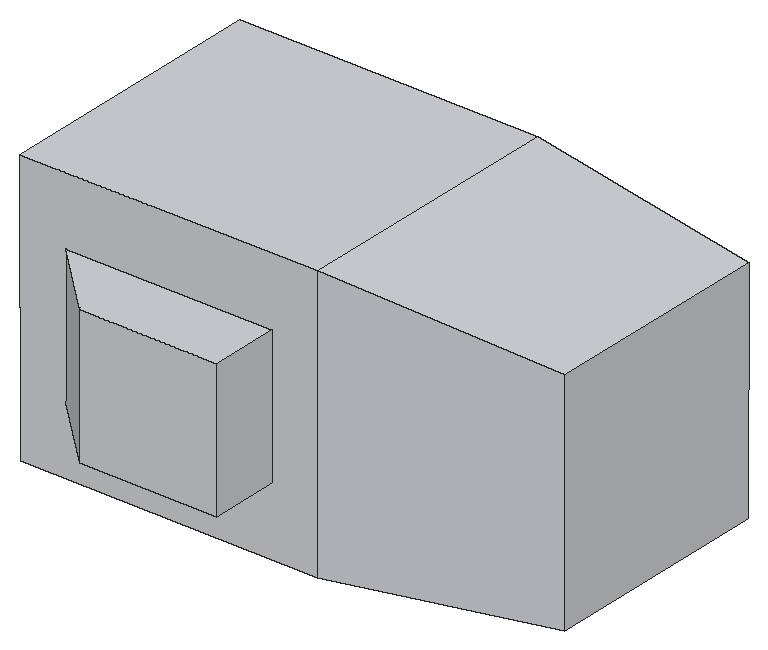
Revit family "291d7238c9e94c11855d0056da8b487e", category Duct Fittings, Revit 2021
Family settings
  Round Connector Dimension = Use Diameter
  Part Type = Tee
  OmniClass Number = 23.75.70.14
  OmniClass Title = Air Ductwork
  Seek Item ID = Rectangular Tee with Transition - Beveled-0000-USA-ENU
  Work Plane-Based = No
  Always vertical = Yes
  Cut with Voids When Loaded = No
  Shared = No
Parameters (values of type "Standard")
  Shoulder Length [instance] = 2"
  Width 2 [instance] = if(Angle = 90.00°, Duct Width 3, (Duct Width 3 + (Duct Length 3) / tan(Angle)))  # 9"
  Height 2 [instance] = if(Angle 1 = 90.00°, Duct Height 3, (Duct Height 3 + (Duct Length 3) / tan(Angle 1) * 2))  # 6"
  Length 6 [instance] = Duct Length 1 + 0' 1"  # 14"
  Length 5 [instance] = (Width 2 - Duct Width 3) / 2  # 1 1/2"
  Length 4 [instance] = Width 1 + Shoulder Length * 2  # 13"
  Length 3 [instance] = Base Width + Shoulder Length * 2  # 13"
  Length 2 [instance] = (Base Width - Duct Width 3) / 2  # 1 1/2"
  Length 1 [instance] = Duct Width 3 / 2 + Shoulder Length  # 5"
  Width 1 [instance] = if(Angle = 90.00°, Duct Width 3, (Duct Width 3 + Duct Length 3 / tan(Angle)))  # 9"
  Height 1 [instance] = if(Angle 1 = 90.00°, Duct Height 3, (Duct Height 3 + Duct Length 3 / tan(Angle 1) * 2))  # 6"
  Duct Width 3 [instance] = 6"
  Duct Width 2 [instance] = 10"
  Duct Width 1 [instance] = 12"
  Duct Length 2 [instance] = Duct Width 2  # 10"
  Duct Length 3 [instance] = if(Duct Width 3 * 0.25 < 0' 3", 0' 3", Duct Width 3 * 0.25)  # 3"
  Duct Length 1 [instance] = if(Length 4 > Length 3, Length 4, Length 3)  # 13"
  Duct Height 3 [instance] = 6"
  Duct Height 2 [instance] = 10"
  Duct Height 1 [instance] = 12"
  Default Elevation = 0' - 0"
  Base Width [instance] = if(Angle = 90.00°, Duct Width 3, (Duct Width 3 + Duct Length 3 / tan(Angle)))  # 9"
  Base Height [instance] = if(Angle 1 = 90.00°, Duct Height 3, (Duct Height 3 + Duct Length 3 / tan(Angle 1) * 2))  # 6"
  Assembly Code = ""
  Angle 1 = 90.00°
  Angle = 45.00°
Reference planes (in)
  plane 1 "Center (Front/Back)": y = 0
  plane 2: z = 0
  plane 3 "Center (Left/Right)": x = 0
  plane 4: x = -8
  plane 5: x = 5
  plane 6: x = 15
  plane 7: y = -9
  plane 8: y = -6
  plane 9: x = -1.5
  plane 10: y = 6
  plane 11: y = -6
  plane 12: x = -9
  plane 13: x = -1.5
  plane 14: y = 6
Forms (in)
  Sweep 1, solid, detail levels medium+fine
    path in 3D
      loop
        line (-8, 0, 0) -> (5, 0, 0)
    profile origin (-1.5, 0, 0) x (0, 1, 0) y (0, 0, 1)
      loop
        line (-6, 6) -> (-6, -6) -> (6, -6) -> (6, 6) -> (-6, 6)
  Blend 2, solid, detail levels medium+fine
    base sketch origin (0, 0, 0) x (0, 1, 0) y (0, 0, 1)
      loop
        line (6, 6) -> (-6, 6) -> (-6, -6) -> (6, -6) -> (6, 6)
    top sketch origin (0, 0, 0) x (0, 1, 0) y (0, 0, 1)
      loop
        line (5, 5) -> (-5, 5) -> (-5, -5) -> (5, -5) -> (5, 5)
    from 5 to 15
  Blend 3, solid, detail levels medium+fine
    base sketch origin (0, 0, 0) x (1, 0, 0) y (0, 0, 1)
      loop
        line (-6, 3) -> (-6, -3) -> (3, -3) -> (3, 3) -> (-6, 3)
    top sketch origin (0, 0, 0) x (1, 0, 0) y (0, 0, 1)
      loop
        line (-3, 3) -> (-3, -3) -> (3, -3) -> (3, 3) -> (-3, 3)
    from 6 to 9
  Sweep 4, void
    path origin (0, 0, 0) x (1, 0, 0) y (0, 1, 0)
      loop
        line (-9, 0) -> (-8, 0)
    profile origin (-8.5, 0, 0) x (0, 1, 0) y (0, 0, 1)
      loop
        line (6, 6) -> (-6, 6) -> (-6, -6) -> (6, -6) -> (6, 6)
Cuts and joins
  Sweep 4 cuts Sweep 1
  Sweep 4 cuts Blend 2
  Sweep 4 cuts Blend 3
  joined: Sweep 1, Blend 2, Blend 3
Lines and regions (in)
  model lines, detail levels coarse
    curve 1: line (-8, 0, 0) -> (5, 0, 0)
    curve 3: line (5, 0, 0) -> (15, 0, 0)
    curve 4: line (0, 0, 0) -> (0, -9, 0)
  sketch lines
    curve 2: line (-8, 0, 0) -> (5, 0, 0)
Dimensions and locks (in)
  "Duct Length 1": plane 4 to plane 5
  "Length 1": plane 3 "Center (Left/Right)" to plane 5
  "Duct Length 2": plane 5 to plane 6
  equal spacing: Sweep 1 sketch curve, profile plane, Sweep 1 sketch curve  (x2)
  "Duct Width 1": Sweep 1 sketch curve to Sweep 1 sketch curve
  "Duct Height 1": Sweep 1 sketch curve to Sweep 1 sketch curve
  equal spacing: Blend 2 sketch curve, plane 1 "Center (Front/Back)", Blend 2 sketch curve  (x2)
  "Duct Width 1": Blend 2 sketch curve to Blend 2 sketch curve
  equal spacing: Blend 2 sketch curve, plane 2, Blend 2 sketch curve  (x2)
  "Duct Height 1": Blend 2 sketch curve to Blend 2 sketch curve
  "Duct Width 2": Blend 2 sketch curve to Blend 2 sketch curve
  "Duct Height 2": Blend 2 sketch curve to Blend 2 sketch curve
  equal spacing: Blend 3 sketch curve, plane 2, Blend 3 sketch curve  (x2)
  "Base Height": Blend 3 sketch curve to Blend 3 sketch curve
  equal spacing: Blend 3 sketch curve, plane 3 "Center (Left/Right)", Blend 3 sketch curve
  "Duct Width 3": Blend 3 sketch curve to Blend 3 sketch curve
  "Duct Height 3": Blend 3 sketch curve to Blend 3 sketch curve
  "Duct Length 3": plane 8 to plane 7
  equal spacing: Blend 3 sketch curve, plane 9, Blend 3 sketch curve
  "Base Width": Blend 3 sketch curve to Blend 3 sketch curve
  "Length 2": plane 9 to plane 3 "Center (Left/Right)"
  equal spacing: plane 10, plane 1 "Center (Front/Back)", plane 8
  "Duct Width 1": plane 10 to plane 8
  equal spacing: Sweep 4 sketch curve, profile plane, Sweep 4 sketch curve  (x2)
  equal spacing: plane 14, plane 1 "Center (Front/Back)", plane 11
  "Length 5": plane 13 to plane 3 "Center (Left/Right)"
  "Length 6": plane 12 to plane 5
  "Duct Height 1": Sweep 4 sketch curve to Sweep 4 sketch curve
  "Duct Width 1": Sweep 4 sketch curve to Sweep 4 sketch curve
  aligned and locked: plane 1 "Center (Front/Back)" to curve 1
  aligned and locked: plane 4 to curve 1
  aligned and locked: plane 5 to curve 1
  aligned and locked: plane 6 to curve 3
  aligned and locked: plane 6 to Blend 2
  aligned and locked: Blend 2 to plane 5
  aligned and locked: plane 8 to Blend 3
  aligned and locked: Blend 3 to plane 7
  aligned and locked: curve 4 to plane 3 "Center (Left/Right)"
  aligned and locked: plane 1 "Center (Front/Back)" to curve 4
  aligned and locked: plane 7 to curve 4
  aligned and locked: plane 1 "Center (Front/Back)" to Sweep 4 sketch curve
  aligned and locked: plane 12 to Sweep 4 sketch curve
  aligned and locked: plane 4 to Sweep 4 sketch curve
Connectors (in)
  hvac at (-8, 0, 0), driven by "Duct Height 1", driven by "Duct Width 1"
    settings: on cut or joined group of Sweep 1, Blend 2, Blend 3, Sweep 4, index 1, duct flow 0 CFM, flow factor 0, pres drop 0.00 in-wg, loss coef 0, conn angle 0.00°, conn width 12", conn height 12", conn diameter 24", duct sys type 28, conn prof type 1, flow config 0, flow direction 0, loss method 0, conn ref index 2, conn util no, is conn primary yes, conn desc ""
  hvac at (15, 0, 0), driven by "Duct Height 2", driven by "Duct Width 2"
    settings: on cut or joined group of Sweep 1, Blend 2, Blend 3, Sweep 4, index 2, duct flow 0 CFM, flow factor 0, pres drop 0.00 in-wg, loss coef 0, conn angle 0.00°, conn width 10", conn height 10", conn diameter 24", duct sys type 28, conn prof type 1, flow config 0, flow direction 0, loss method 0, conn ref index 1, conn util no, is conn primary no, conn desc ""
  hvac at (0, -9, 0), driven by "Duct Height 3", driven by "Duct Width 3"
    settings: on cut or joined group of Sweep 1, Blend 2, Blend 3, Sweep 4, index 3, duct flow 0 CFM, flow factor 0, pres drop 0.00 in-wg, loss coef 0, conn angle 0.00°, conn width 6", conn height 6", conn diameter 24", duct sys type 28, conn prof type 1, flow config 0, flow direction 0, loss method 0, conn ref index -1, conn util no, is conn primary no, conn desc ""
